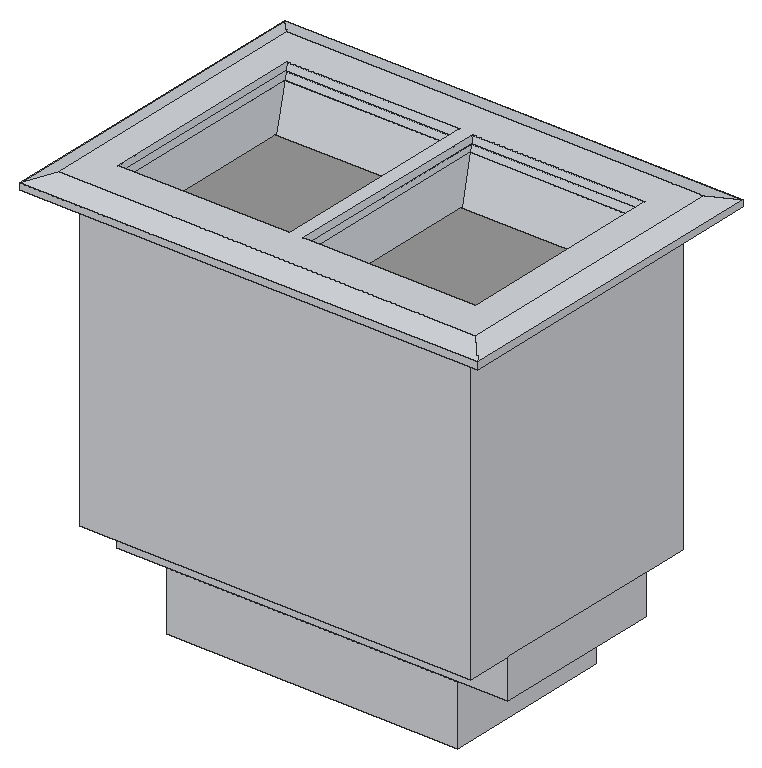
Revit family "2061110 Sylvania Lighting Fixture DOMINO 2xLED 930 CHROME MB TRIM WHITE", category Lighting Fixtures, host Face, Revit 2018
Family settings
  Host = Face
  Round Connector Dimension = Use Diameter
  Part Type = Normal
  OmniClass Number = 23.80.70.00
  OmniClass Title = Lighting
  Cut with Voids When Loaded = No
  Light Source = Yes
  Shared = No
  Room Calculation Point = No
Parameters (values of type "2061110 DOMINO 2XLED 930 CHROME MB TR WHT ")
  top top length = 44 mm
  Width = 50 mm
  Weight = "n/a"
  Wattage Comments = ""
  Wattage = 9.2903 W
  WarrantyStartDate [instance] = "n/a"
  WarrantyGuarantorParts = "n/a"
  WarrantyDurationUnit = "n/a"
  WarrantyDurationParts = ""
  WarrantyDescription = "http://www.sylvania-lighting.com"
  built-in parameter 1150110 = 1 (stored number, unit not read)
  Voltage = 0 V
  URL = "0.6"
  TypeName = "DOMINO 2xLED 930 CHROME MB TRIM WHITE"
  Type Image = <None>
  Type Comments = "n/a"
  built-in parameter 1114217 = 1 (stored number, unit not read)
  Top Width = 26 mm
  Tilt Angle = 90.00°
  built-in parameter 1150109 = 1 (stored number, unit not read)
  built-in parameter 1150134 = 3
  built-in parameter 1150113 = 1 (stored number, unit not read)
  SerialNumber [instance] = "n/a"
  Recessed Width = 43 mm
  Recessed Length = 63 mm
  Photometric Web File = "2061110.ies"
  Material_3_FEILO = none
  PowerFactor = 0
  PowerConsumption = "Lighting"
  NominalLength = 50 mm
  NominalHeight = 0 mm
  NominalDepth = 0 mm
  Name = "DOMINO 2xLED 930 CHROME MB TRIM WHITE"
  ModelReference = Name  # "DOMINO 2xLED 930 CHROME MB TRIM WHITE"
  ModelNumber = "2061110"
  Model = Name  # "DOMINO 2xLED 930 CHROME MB TRIM WHITE"
  Material = "Feilo Sylvania"
  ManufacturerName = "62 lm/W"
  Manufacturer = ""
  LuminousEfficacy = ""
  built-in parameter 1150105 = 109.82 (stored number, unit not read)
  Lumens = 1380 lm
  LuminaireType = "0"
  built-in parameter 1150115 = 1 (stored number, unit not read)
  LightOutputRatio = "LED"
  built-in parameter 1150137 = (empty or 0)
  built-in parameter 1150139 = (empty or 0)
  Lens Width = 32 mm
  Lens = Glass, White, High Luminance
  Length = 69 mm
  LampsType = Lamp  # "n/a"
  LampNominalLuminous = "3000 K"
  LampMacAdamStep = "90"
  LampColourTemperature = "LED"
  LampColourRenderingIndex = "16500"
  built-in parameter 1150112 = 1 (stored number, unit not read)
  built-in parameter 1150114 = 1 (stored number, unit not read)
  Lamp = "n/a"
  Keynote = "n/a"
  InstallationDate [instance] = "n/a"
  InputVoltage = "0"
  InputNominalFrequency = "3000"
  built-in parameter 1150132 = (empty or 0)
  built-in parameter 1150102 = (empty or 0)
  built-in parameter 1150107 = 3200 (stored number, unit not read)
  built-in parameter 1150138 = (empty or 0)
  IngressProtection = "IfcLightFixtureType"
  ImpactProtectionIndex = "IfcLightFixtureType"
  built-in parameter 1150106 = 1.0982 (stored number, unit not read)
  IfcExportType = "IfcLightFixtureType"
  IfcExportAs = "Class II"
  Facia internal width = 37 mm
  Facia internal length = 56 mm
  Facia Height = 2 mm
  ExpectedLife = 50000
  Emit from Circle Diameter = 609.6 mm
  Emit Shape Visible in Rendering = no
  ElectricShockClassification = "62"
  built-in parameter 1150104 = 13.8 (stored number, unit not read)
  DurationUnit = "hours"
  DocumentationLiterature = "http://www.sylvania-lighting.com/product/en-int/products/2061110"
  DimmingControlOptions = "n/a"
  Material_2_FEILO = none
  Dimming Lamp Color Temperature Shift = <None>
  Description = "Modular LED recessed linear spotlight, ideal for retail and hospitality applications. Die-cast aluminium body, passive cooling. Two levels of reflector installation, low glaring UGR<16. 2x LED source, 30° beam angle , optics: PMMA lens and polycarbonate reflector combination, Chrome plated reflector finish. Light color temperature: 3000K warm white, total system power: 6W , total fixture lumen output: 370lm, efficacy: 62 lm/W, Ra90 typical, LED chromacity: 3 step MacAdam ellipse (SDCM3), lifespan: 96,000 hours at 90% of the original output (L90B10), IR/UV free light source without heat radiation, operating voltage: 220-240V / 50-60Hz, electronic driver, ultra low flicker, non-dimmable , electrical protection: Class II. Degree of Protection: IP40/IP20, suitable for indoor environment only. Ceiling cut-out: 43x43mm, outer dimensions:  70x50mm trim frame RAL 9016 - Traffic white / Bezel color.5 years Warranty."
  Default Elevation = 1219.2 mm
  CreatedOn = "10/02/2021"
  CreatedBy = "harvey.smart@sylvania-lighting.com"
  Cost = 0
  Color Filter = 16777215
  built-in parameter 1114216 [instance] = (empty or 0)
  ClassificationValue = "EF_70_80"
  ClassificationName = "Uniclass2015"
  Material_1_FEILO = none
  Body Width = 40 mm
  Body Length = 59 mm
  BarCode [instance] = "n/a"
  built-in parameter 1114218 = 1 (stored number, unit not read)
  built-in parameter 1150133 = 10 (stored number, unit not read)
  AssetType = "Fixed"
  AssetIdentifier [instance] = "n/a"
  Assembly Code = "D5020200"
  Apparent Load = 6 VA
  Material_4_FEILO = none
Reference planes
  plane 1 "Center (Front/Back)": y = 0
  plane 2: z = 0
  plane 3 "Center (Left/Right)": x = 0
  plane 4: z = 0
  plane 5: z = -7
  plane 6: z = -45.895
  plane 7: z = -51.895
  plane 8: z = -60.895
  plane 9: x = -31.5
  plane 10: x = 31.5
  plane 11: y = 21.5
  plane 12: y = -21.5
  plane 13: x = -34.5
  plane 14: x = 34.5
  plane 15: y = 25
  plane 16: y = -25
  plane 17: x = 28
  plane 18: x = -28
  plane 19: y = 18.5
  plane 20: y = -18.5
  plane 21: z = 2
  plane 22: x = -29.5
  plane 23: x = 29.5
  plane 24: y = 20
  plane 25: y = -20
  plane 26: y = 13
  plane 27: y = -13
  plane 28: x = 22
  plane 29: y = 16
  plane 30: y = -16
  plane 31: x = -27
  plane 32: x = -1
  plane 33: x = -26
  plane 34: x = -2
  plane 35: y = 12.5
  plane 36: y = -12.5
  plane 37: x = 27
  plane 38: x = 1
  plane 39: x = 2
  plane 40: x = 26.026
Forms (mm)
  Extrusion 1, solid, not visible, detail levels medium+fine
    sketch origin (4.2, 0, 0) x (1, 0, 0) y (0, 1, 0)
      loop
        line (-29.2, 34.5) -> (-29.2, -34.5) -> (20.8, -34.5) -> (20.8, 34.5) -> (-29.2, 34.5)
    from 0 to 1
  Extrusion 2, solid, not visible, detail levels medium+fine
    sketch origin (4.044, 0, 0) x (1, 0, 0) y (0, 1, 0)
      loop
        line (-29.2, 34.5) -> (-29.2, -34.5) -> (20.8, -34.5) -> (20.8, 34.5) -> (-29.2, 34.5)
    from 0 to 1
  Blend 3, solid, not visible, detail levels medium+fine
    base sketch origin (4.2, 0, 0) x (1, 0, 0) y (0, 1, 0)
      loop
        line (-29.2, 34.5) -> (-29.2, -34.5) -> (20.8, -34.5) -> (20.8, 34.5) -> (-29.2, 34.5)
    top sketch origin (4.2, 0, 0) x (1, 0, 0) y (0, 1, 0)
      loop
        line (-21.7, 28) -> (-21.7, -28) -> (13.3, -28) -> (13.3, 28) -> (-21.7, 28)
    from 1 to 3
  Extrusion 4, solid, not visible, detail levels medium+fine
    sketch origin (3.419, 0, 0) x (1, 0, 0) y (0, 1, 0)
      loop
        line (-29.2, 34.5) -> (-29.2, -34.5) -> (20.8, -34.5) -> (20.8, 34.5) -> (-29.2, 34.5)
    from 0 to 1
  Blend 5, solid, not visible, detail levels medium+fine
    base sketch origin (3.575, 0, 0) x (1, 0, 0) y (0, 1, 0)
      loop
        line (-29.2, 34.5) -> (-29.2, -34.5) -> (20.8, -34.5) -> (20.8, 34.5) -> (-29.2, 34.5)
    top sketch origin (3.575, 0, 0) x (1, 0, 0) y (0, 1, 0)
      loop
        line (-21.7, 28) -> (-21.7, -28) -> (13.3, -28) -> (13.3, 28) -> (-21.7, 28)
    from 1 to 3
  Extrusion 6, solid, not visible, detail levels medium+fine
    sketch origin (4.247, 0, 0) x (1, 0, 0) y (0, 1, 0)
      loop
        line (-29.2, 34.5) -> (-29.2, -34.5) -> (20.8, -34.5) -> (20.8, 34.5) -> (-29.2, 34.5)
    from 0 to 1
  Blend 7, solid, not visible, detail levels medium+fine
    base sketch origin (4.403, 0, 0) x (1, 0, 0) y (0, 1, 0)
      loop
        line (-29.2, 34.5) -> (-29.2, -34.5) -> (20.8, -34.5) -> (20.8, 34.5) -> (-29.2, 34.5)
    top sketch origin (4.403, 0, 0) x (1, 0, 0) y (0, 1, 0)
      loop
        line (-21.7, 28) -> (-21.7, -28) -> (13.3, -28) -> (13.3, 28) -> (-21.7, 28)
    from 1 to 3
  Extrusion 8, void, detail levels medium+fine
    sketch origin (4.2, 0, 0) x (0, 1, 0) y (1, 0, 0)
      loop
        line (21.5, -35.7) -> (21.5, 27.3) -> (-21.5, 27.3) -> (-21.5, -35.7) -> (21.5, -35.7)
    from -9.934 to 83.097
  Extrusion 9, solid, detail levels medium+fine
    sketch origin (4.2, 0, 0) x (1, 0, 0) y (0, 1, 0)
      loop
        line (-38.7, 25) -> (-38.7, -25) -> (30.3, -25) -> (30.3, 25) -> (-38.7, 25)
    from 0 to 1
  Blend 10, solid, detail levels medium+fine
    base sketch origin (4.2, 0, 0) x (1, 0, 0) y (0, 1, 0)
      loop
        line (-38.7, 25) -> (-38.7, -25) -> (30.3, -25) -> (30.3, 25) -> (-38.7, 25)
    top sketch origin (4.2, 0, 0) x (1, 0, 0) y (0, 1, 0)
      loop
        line (-35.7, 21.5) -> (-35.7, -21.5) -> (27.3, -21.5) -> (27.3, 21.5) -> (-35.7, 21.5)
    from 1 to 2
  Extrusion 11, solid, detail levels medium+fine
    sketch origin (4.2, 0, 0) x (1, 0, 0) y (0, 1, 0)
      loop
        line (-33.7, 20) -> (-33.7, -20) -> (25.3, -20) -> (25.3, 20) -> (-33.7, 20)
    from 0 to -45.895
  Extrusion 12, solid, detail levels medium+fine
    sketch origin (4.2, 0, 0) x (1, 0, 0) y (0, 1, 0)
      loop
        line (-33.7, 13) -> (-33.7, -13) -> (25.3, -13) -> (25.3, 13) -> (-33.7, 13)
    from -51.895 to -45.895
  Extrusion 13, solid, detail levels fine
    sketch origin (4.2, 0, 0) x (1, 0, 0) y (0, 1, 0)
      loop
        line (-26.2, 13) -> (-26.2, -13) -> (17.8, -13) -> (17.8, 13) -> (-26.2, 13)
    from -60.895 to -51.895
  Blend 14, void, detail levels medium+fine
    base sketch origin (4.2, 0, 0) x (0, 1, 0) y (-1, 0, 0)
      loop
        line (16, 31.2) -> (-16, 31.2) -> (-16, 5.2) -> (16, 5.2) -> (16, 31.2)
    top sketch origin (4.2, 0, 0) x (0, 1, 0) y (-1, 0, 0)
      loop
        line (12.5, 30.2) -> (-12.5, 30.2) -> (-12.5, 6.2) -> (12.5, 6.2) -> (12.5, 30.2)
    from 2 to -7
  Blend 15, void, detail levels medium+fine
    base sketch origin (4.2, 0, 0) x (0, 1, 0) y (-1, 0, 0)
      loop
        line (16, 3.2) -> (-16, 3.2) -> (-16, -22.8) -> (16, -22.8) -> (16, 3.2)
    top sketch origin (4.2, 0, 0) x (0, 1, 0) y (-1, 0, 0)
      loop
        line (12.5, 2.2) -> (-12.5, 2.2) -> (-12.5, -21.826) -> (12.5, -21.826) -> (12.5, 2.2)
    from 2 to -7
  Extrusion 16, solid, material "Glass, White, High Luminance" <- "Lens", detail levels fine
    sketch origin (0, 1219.2, 38) x (1, 0, 0) y (0, 1, 0)
      loop
        line (-26, -1206.7) -> (-26, -1231.7) -> (-2, -1231.7) -> (-2, -1206.7) -> (-26, -1206.7)
    from -45 to -44
  Extrusion 17, solid, material "Glass, White, High Luminance" <- "Lens", detail levels fine
    sketch origin (4.2, 0, 0) x (1, 0, 0) y (0, 1, 0)
      loop
        line (-2.2, 12.5) -> (-2.2, -12.5) -> (21.826, -12.5) -> (21.826, 12.5) -> (-2.2, 12.5)
    from -7 to -6
  Extrusion 18, solid, detail levels coarse
    sketch origin (0, 1219.2, 38) x (1, 0, 0) y (0, 1, 0)
      loop
        line (34.5, -1194.2) -> (-34.5, -1194.2) -> (-34.5, -1244.2) -> (34.5, -1244.2) -> (34.5, -1194.2)
    from -36 to -98.895
Cuts and joins
  Blend 14, Blend 15 cuts Extrusion 9
  Blend 14, Blend 15 cuts Blend 10
  Blend 14, Blend 15 cuts Extrusion 11
Dimensions and locks
  "Recessed Length": plane 9 to plane 10
  equal spacing: plane 9, plane 3 "Center (Left/Right)", plane 10
  "Length": plane 13 to plane 14
  equal spacing: plane 13, plane 3 "Center (Left/Right)", plane 14
  "Recessed Width": plane 11 to plane 12
  equal spacing: plane 11, plane 1 "Center (Front/Back)", plane 12
  "Width": plane 15 to plane 16
  equal spacing: plane 15, plane 1 "Center (Front/Back)", plane 16
  "Facia internal length": plane 18 to plane 17
  equal spacing: plane 18, plane 3 "Center (Left/Right)", plane 17
  "Facia internal width": plane 19 to plane 20
  equal spacing: plane 19, plane 1 "Center (Front/Back)", plane 20
  "Facia Height": plane 21 to host face
  "Body Length": plane 22 to plane 23
  equal spacing: plane 22, plane 3 "Center (Left/Right)", plane 23
  "Body Width": plane 24 to plane 25
  equal spacing: plane 24, plane 1 "Center (Front/Back)", plane 25
  "Top Width": plane 26 to plane 27
  equal spacing: plane 26, plane 1 "Center (Front/Back)", plane 27
  plane 3 "Center (Left/Right)" to plane 28 = 22 mm
  "Lens Width": plane 29 to plane 30
  equal spacing: plane 29, plane 1 "Center (Front/Back)", plane 30
  aligned and locked: plane 2 to host face
  aligned and locked: level to host face
  aligned and locked: plane 21 to Blend 10
  aligned and locked: Extrusion 9 to Blend 10
  aligned and locked: plane 7 to Extrusion 13
  aligned and locked: Extrusion 12 to plane 7
  aligned and locked: Extrusion 11 to plane 6
  aligned and locked: Blend 14 to plane 5
  aligned and locked: plane 21 to Blend 14
  aligned and locked: Blend 15 to plane 5
  aligned and locked: plane 21 to Blend 15
Automatic sketch dimensions
  host sketch curve to host sketch curve = 2438.4 mm  (x2)
  Extrusion 1 sketch curve to Extrusion 1 sketch curve = 50 mm
  Extrusion 1 sketch curve to Extrusion 1 sketch curve = 69 mm
  Extrusion 2 sketch curve to Extrusion 2 sketch curve = 50 mm
  Extrusion 2 sketch curve to Extrusion 2 sketch curve = 69 mm
  Blend 3 sketch curve to Blend 3 sketch curve = 50 mm
  Blend 3 sketch curve to Blend 3 sketch curve = 69 mm
  Blend 3 sketch curve to Blend 3 sketch curve = 35 mm
  Blend 3 sketch curve to Blend 3 sketch curve = 56 mm
  Extrusion 4 sketch curve to Extrusion 4 sketch curve = 50 mm
  Extrusion 4 sketch curve to Extrusion 4 sketch curve = 69 mm
  Blend 5 sketch curve to Blend 5 sketch curve = 50 mm
  Blend 5 sketch curve to Blend 5 sketch curve = 69 mm
  Blend 5 sketch curve to Blend 5 sketch curve = 35 mm
  Blend 5 sketch curve to Blend 5 sketch curve = 56 mm
  Extrusion 6 sketch curve to Extrusion 6 sketch curve = 50 mm
  Extrusion 6 sketch curve to Extrusion 6 sketch curve = 69 mm
  Blend 7 sketch curve to Blend 7 sketch curve = 50 mm
  Blend 7 sketch curve to Blend 7 sketch curve = 69 mm
  Blend 7 sketch curve to Blend 7 sketch curve = 35 mm
  Blend 7 sketch curve to Blend 7 sketch curve = 56 mm
  Extrusion 8 sketch curve to plane 9 = 0 mm
  Extrusion 8 sketch curve to plane 12 = 0 mm
  Extrusion 8 sketch curve to plane 11 = 0 mm
  Extrusion 8 sketch curve to plane 10 = 0 mm
  Extrusion 9 sketch curve to plane 13 = 0 mm
  Extrusion 9 sketch curve to plane 14 = 0 mm
  Extrusion 9 sketch curve to plane 16 = 0 mm
  Extrusion 9 sketch curve to plane 15 = 0 mm
  Blend 10 sketch curve to plane 13 = 0 mm
  Blend 10 sketch curve to plane 14 = 0 mm
  Blend 10 sketch curve to plane 16 = 0 mm
  Blend 10 sketch curve to plane 15 = 0 mm
  Blend 10 sketch curve to plane 9 = 0 mm
  Blend 10 sketch curve to plane 10 = 0 mm
  Blend 10 sketch curve to plane 12 = 0 mm
  Blend 10 sketch curve to plane 11 = 0 mm
  Extrusion 11 sketch curve to plane 22 = 0 mm
  Extrusion 11 sketch curve to plane 23 = 0 mm
  Extrusion 11 sketch curve to plane 25 = 0 mm
  Extrusion 11 sketch curve to plane 24 = 0 mm
  Extrusion 12 sketch curve to plane 22 = 0 mm
  Extrusion 12 sketch curve to plane 23 = 0 mm
  Extrusion 12 sketch curve to plane 27 = 0 mm
  Extrusion 12 sketch curve to plane 26 = 0 mm
  Extrusion 13 sketch curve to plane 27 = 0 mm
  Extrusion 13 sketch curve to plane 28 = 0 mm
  Extrusion 13 sketch curve to plane 26 = 0 mm
  plane 18 to Extrusion 13 sketch curve = 6 mm
  Blend 14 sketch curve to plane 30 = 0 mm
  Blend 14 sketch curve to plane 29 = 0 mm
  Blend 14 sketch curve to plane 32 = 0 mm
  Blend 14 sketch curve to plane 31 = 0 mm
  Blend 14 sketch curve to plane 33 = 0 mm
  Blend 14 sketch curve to plane 36 = 0 mm
  Blend 14 sketch curve to plane 35 = 0 mm
  Blend 14 sketch curve to plane 34 = 0 mm
  Blend 15 sketch curve to plane 30 = 0 mm
  Blend 15 sketch curve to plane 29 = 0 mm
  Blend 15 sketch curve to plane 37 = 0 mm
  Blend 15 sketch curve to plane 38 = 0 mm
  Blend 15 sketch curve to plane 36 = 0 mm
  Blend 15 sketch curve to plane 35 = 0 mm
  Blend 15 sketch curve to plane 40 = 0 mm
  Blend 15 sketch curve to plane 39 = 0 mm
  plane 31 to Extrusion 16 sketch curve = 1 mm
  Extrusion 16 sketch curve to plane 11 = 9 mm
  Extrusion 16 sketch curve to plane 34 = 0 mm
  plane 1 "Center (Front/Back)" to Extrusion 16 sketch curve = 12.5 mm
  Extrusion 17 sketch curve to plane 36 = 0 mm
  Extrusion 17 sketch curve to plane 39 = 0 mm
  Extrusion 17 sketch curve to plane 40 = 0 mm
  Extrusion 17 sketch curve to plane 35 = 0 mm
  Extrusion 18 sketch curve to plane 33 = 8.5 mm
  plane 14 to Extrusion 18 sketch curve = 0 mm
  plane 16 to Extrusion 18 sketch curve = 50 mm
  Extrusion 18 sketch curve to plane 36 = 12.5 mm
